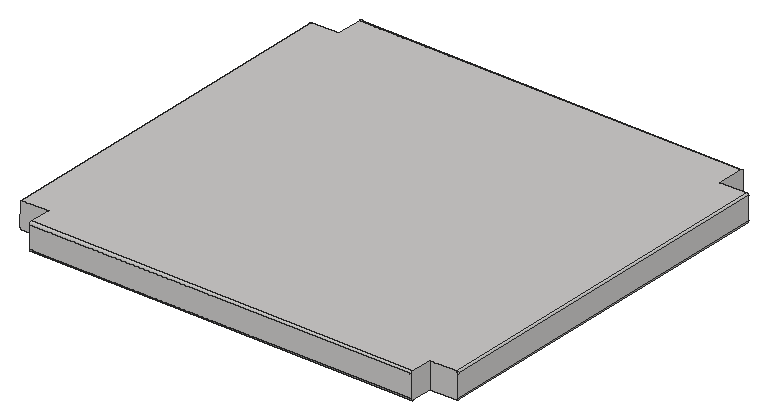
Revit family "PRD_AR_Shlvs_MaximaShelfForCommercialSinks_MAXT", category Plumbing Fixtures, Revit 2018
Family settings
  Round Connector Dimension = Use Diameter
  Part Type = Normal
  OmniClass Number = 23.40.20.00
  OmniClass Title = General Furniture and Specialties
  Work Plane-Based = No
  Always vertical = Yes
  Cut with Voids When Loaded = No
  Shared = Yes
  Room Calculation Point = No
Parameters (values of type "MAXT70-70")
  TypeOfMounting = "Mounted on product"
  OverallDepth = NominalDepth  # 648 mm
  WarrantyStartDate [instance] = "1900-12-31T23:59:59"
  WarrantyGuarantorParts = "n/a"
  WarrantyGuarantorLabor = "n/a"
  WarrantyDurationUnit = "year"
  WarrantyDurationParts = "n/a"
  WarrantyDurationLabor = "n/a"
  WarrantyDescription = "n/a"
  Version = "1"
  Uniclass2015Version = "Products v1.10"
  Uniclass2015Title = "Commercial kitchen shelving and racking units"
  Uniclass2015Code = "Pr_40_30_78_19"
  UnderframeMaterial = PRD_AR_StainlessSteel_SatinFinished
  URL = "www.kwc.com"
  TagNumber [instance] = "n/a"
  SustainabilityPerformance = "n/a"
  Style = "Shelf"
  Size = "686 x 648 x 41 mm"
  Shape = "Rectangular"
  SerialNumber [instance] = "n/a"
  Revision = "n/a"
  ReplacementCost = "n/a"
  ProductInformation = "https://pim.kwc.com/product/2000100002/attachment/datasheet?locale=en"
  NominalWidth = 686 mm
  NominalHeight = 41 mm
  NominalDepth = 648 mm
  NetWeight = 5.20 kg
  Name = "Maxima shelve for sinks width 700 mm / depth 700 mm"
  NBSTypeID = "n/a"
  NBSReference = "45-35-15/462"
  NBSOfficeMasterTag = "n/a"
  NBSNote = "n/a"
  NBSDescription = "Stainless steel shelving and racking units"
  NBSCertification = "n/a"
  ModelReference = "MAXT70-70"
  ModelNumber = "2000100002"
  Model = ModelReference  # "MAXT70-70"
  Material = "stainless steel"
  ManufacturerURL = "www.kwc.com"
  ManufacturerName = "KWC Group AG"  # constant formula
  Manufacturer = ManufacturerName  # "KWC Group AG"
  MainColor = "stainless steel"
  OverallWidth = NominalWidth  # 686 mm
  IntegralAccessories = "n/a"
  InstallationDate [instance] = "1900-12-31T23:59:59"
  IfcExportType = "NOTDEFINED"
  IfcExportAs = "IfcFurnitureType"
  OverallHeight = NominalHeight  # 41 mm
  GrossWeight = 5.20 kg
  Grade = "n/a"
  Finish = "satin finished"
  Features = "stainless steel, surface satin finished, material thickness 1.2 mm, mounted on product"
  ExpectedLife = "n/a"
  DurationUnit = "year"
  Description = "Shelve for KWC commercial sinks, stainless steel, surface satin finished, material thickness 1.2 mm, incl. Shelve holder. for MAXL sinks (700 mm deep, 700 mm wide)"
  CutLength4 = 44 mm
  CutLength3 = 36 mm
  CutLength2 = 44 mm
  CutLength1 = 44 mm
  CreatedOn = "12/2018"  # constant formula
  ConstructionShelvesPositions = "Fixed"
  ConstructionShelvesNumber = 1
  ConstructionShelvesMaterial = "1.2mm stainless steel 1.4301"
  ConstructionShelvesFinish = "satin finished"
  ConstructionShelvesEdges = "all round"
  ConstructionFrameMaterial = "n/a"
  ConstructionFrameFinish = "n/a"
  ConstructionFrameAssembly = "n/a"
  Constituents = "n/a"
  Color = "stainless steel"
  CodePerformance = "n/a"
  Category = "Pr_40_30_78_19, Commercial kitchen shelving and racking units"
  BarCode [instance] = "n/a"
  BIMObjectName = "PRD_AR_CommercialKitchenShelvingAndRackingUnits_MaximaShelfForCommercialSinks_MAXT70-70"
  Author = "Archispace"  # constant formula
  AssetType = "Fixed"
  AssetIdentifier [instance] = "n/a"
  AccessibilityPerformance = "n/a"
Types (12, lengths in mm): name | OverallDepth | Size | ProductInformation | NominalWidth | NominalDepth | NetWeight | Name | ModelReference | ModelNumber | Model | OverallWidth | GrossWeight | Description | CutLength4 | CutLength3 | CutLength1 | BIMObjectName
  MAXT60-60 | 548 | "586 x 548 x 41 mm" | "https://pim.kwc.com/product/2000057763/attachment/datasheet?locale=en" | 586 | 548 | 4.00 kg | "Maxima shelve for sinks  width 600 mm / depth 600 mm" | "MAXT60-60" | "2000057763" | "MAXT60-60" | 586 | 4.00 kg | "Shelve for KWC commercial sinks, stainless steel, surface satin finished, material thickness 1.2 mm, incl. Shelve holder. for MAXS sinks (600 mm deep, 600 mm wide)" | 44 | 36 | 44 | "PRD_AR_CommercialKitchenShelvingAndRackingUnits_MaximaShelfForCommercialSinks_MAXT60-60"
  MAXT70-60 | 548 | "686 x 548 x 41 mm" | "https://pim.kwc.com/product/2000100003/attachment/datasheet?locale=en" | 686 | 548 | 4.50 kg | "Maxima shelve for sinks width 700 mm / depth 600 mm" | "MAXT70-60" | "2000100003" | "MAXT70-60" | 686 | 4.50 kg | "Shelve for KWC commercial sinks, stainless steel, surface satin finished, material thickness 1.2 mm, incl. Shelve holder. for MAXS sinks (600 mm deep, 700 mm wide)" | 44 | 36 | 44 | "PRD_AR_CommercialKitchenShelvingAndRackingUnits_MaximaShelfForCommercialSinks_MAXT70-60"
  MAXT70-70 | 648 | "686 x 648 x 41 mm" | "https://pim.kwc.com/product/2000100002/attachment/datasheet?locale=en" | 686 | 648 | 5.20 kg | "Maxima shelve for sinks width 700 mm / depth 700 mm" | "MAXT70-70" | "2000100002" | "MAXT70-70" | 686 | 5.20 kg | "Shelve for KWC commercial sinks, stainless steel, surface satin finished, material thickness 1.2 mm, incl. Shelve holder. for MAXL sinks (700 mm deep, 700 mm wide)" | 44 | 36 | 44 | "PRD_AR_CommercialKitchenShelvingAndRackingUnits_MaximaShelfForCommercialSinks_MAXT70-70"
  MAXT120-60 | 548 | "1186 x 548 x 41 mm" | "https://pim.kwc.com/product/2000057716/attachment/datasheet?locale=en" | 1186 | 548 | 7.30 kg | "Maxima shelve for sinks width 1200 mm / depth 600 mm" | "MAXT120-60" | "2000057716" | "MAXT120-60" | 1186 | 7.30 kg | "Shelve for KWC commercial sinks, stainless steel, surface satin finished, material thickness 1.2 mm, incl. Shelve holder. for MAXS sinks (600 mm deep, 1200 mm wide)" | 40 | 40 | 44 | "PRD_AR_CommercialKitchenShelvingAndRackingUnits_MaximaShelfForCommercialSinks_MAXT120-60"
  MAXT120-70 | 648 | "1186 x 648 x 41 mm" | "https://pim.kwc.com/product/2000057755/attachment/datasheet?locale=en" | 1186 | 648 | 8.30 kg | "Maxima shelve for sinks width 1200 mm / depth 700 mm" | "MAXT120-70" | "2000057755" | "MAXT120-70" | 1186 | 8.30 kg | "Shelve for KWC commercial sinks, stainless steel, surface satin finished, material thickness 1.2 mm, incl. Shelve holder. for MAXL sinks (700 mm deep, 1200 mm wide)" | 44 | 36 | 44 | "PRD_AR_CommercialKitchenShelvingAndRackingUnits_MaximaShelfForCommercialSinks_MAXT120-70"
  MAXT140-60 | 548 | "1386 x 548 x 41 mm" | "https://pim.kwc.com/product/2000057756/attachment/datasheet?locale=en" | 1386 | 548 | 8.40 kg | "Maxima shelve for sinks  width 1400 mm / depth 600 mm" | "MAXT140-60" | "2000057756" | "MAXT140-60" | 1386 | 8.40 kg | "Shelve for KWC commercial sinks, stainless steel, surface satin finished, material thickness 1.2 mm, incl. Shelve holder. for MAXS sinks (600 mm deep, 1400 mm wide)" | 44 | 36 | 44 | "PRD_AR_CommercialKitchenShelvingAndRackingUnits_MaximaShelfForCommercialSinks_MAXT140-60"
  MAXT140-70 | 648 | "1386 x 648 x 41 mm" | "https://pim.kwc.com/product/2000057757/attachment/datasheet?locale=en" | 1386 | 648 | 9.60 kg | "Maxima shelve for sinks width 1400 mm / depth 700 mm" | "MAXT140-70" | "2000057757" | "MAXT140-70" | 1386 | 9.60 kg | "Shelve for KWC commercial sinks, stainless steel, surface satin finished, material thickness 1.2 mm, incl. Shelve holder. for MAXL sinks (700 mm deep, 1400 mm wide)" | 44 | 36 | 44 | "PRD_AR_CommercialKitchenShelvingAndRackingUnits_MaximaShelfForCommercialSinks_MAXT140-70"
  MAXT160-60 | 548 | "1586 x 548 x 41 mm" | "https://pim.kwc.com/product/2000057758/attachment/datasheet?locale=en" | 1586 | 548 | 9.50 kg | "Maxima shelve for sinks width 1600 mm / depth 600 mm" | "MAXT160-60" | "2000057758" | "MAXT160-60" | 1586 | 9.50 kg | "Shelve for KWC commercial sinks, stainless steel, surface satin finished, material thickness 1.2 mm, incl. Shelve holder. for MAXS sinks (600 mm deep, 1600 mm wide)" | 44 | 36 | 44 | "PRD_AR_CommercialKitchenShelvingAndRackingUnits_MaximaShelfForCommercialSinks_MAXT160-60"
  MAXT200-60 | 548 | "1986 x 548 x 41 mm" | "https://pim.kwc.com/product/2000057759/attachment/datasheet?locale=en" | 1986 | 548 | 13.90 kg | "Maxima shelve for sinks  width 2000 mm / depth 600 mm" | "MAXT200-60" | "2000057759" | "MAXT200-60" | 1986 | 13.90 kg | "Shelve for KWC commercial sinks, stainless steel, surface satin finished, material thickness 1.2 mm, incl. Shelve holder. for MAXS sinks (600 mm deep, 2000 mm wide)" | 44 | 36 | 44 | "PRD_AR_CommercialKitchenShelvingAndRackingUnits_MaximaShelfForCommercialSinks_MAXT200-60"
  MAXT200-70 | 648 | "1986 x 648 x 41 mm" | "https://pim.kwc.com/product/2000057760/attachment/datasheet?locale=en" | 1986 | 648 | 15.50 kg | "Maxima shelve for sinks width 2000 mm / depth 700 mm" | "MAXT200-70" | "2000057760" | "MAXT200-70" | 1986 | 15.50 kg | "Shelve for KWC commercial sinks, stainless steel, surface satin finished, material thickness 1.2 mm, incl. Shelve holder. for MAXL sinks (700 mm deep, 2000 mm wide)" | 44 | 36 | 44 | "PRD_AR_CommercialKitchenShelvingAndRackingUnits_MaximaShelfForCommercialSinks_MAXT200-70"
  MAXT260-60 | 548 | "2586 x 548 x 41 mm" | "https://pim.kwc.com/product/2000057761/attachment/datasheet?locale=en" | 2586 | 548 | 15.40 kg | "Maxima shelve for sinks  width 2600 mm / depth 600 mm" | "MAXT260-60" | "2000057761" | "MAXT260-60" | 2586 | 15.40 kg | "Shelve for KWC commercial sinks, surface satin finished, material thickness 1.2 mm, incl. Shelve holder. for MAXS sinks (600 mm deep, 2600 mm wide)" | 21 | 36 | 21 | "PRD_AR_CommercialKitchenShelvingAndRackingUnits_MaximaShelfForCommercialSinks_MAXT260-60"
  MAXT260-70 | 648 | "2586 x 648 x 41 mm" | "https://pim.kwc.com/product/2000100004/attachment/datasheet?locale=en" | 2586 | 648 | 18.50 kg | "Maxima shelve for sinks width 2600 mm / depth 700 mm" | "MAXT260-70" | "2000100004" | "MAXT260-70" | 2586 | 18.50 kg | "Shelve for KWC commercial sinks, stainless steel, surface satin finished, material thickness 1.2 mm, incl. Shelve holder. for MAXL sinks (700 mm deep, 2600 mm wide)" | 21 | 36 | 21 | "PRD_AR_CommercialKitchenShelvingAndRackingUnits_MaximaShelfForCommercialSinks_MAXT260-70"
Reference planes
  plane 1 "Center (Front/Back)": y = 0
  plane 2: z = 0
  plane 3 "Center (Left/Right)": x = 0
  plane 4: x = -343
  plane 5: x = 343
  plane 6: y = -44
  plane 7: y = -612
  plane 8: x = -299
  plane 9: x = 299
  plane 10: z = 150
  plane 11: y = -648
Forms (mm)
  Extrusion 1, void
    sketch origin (0, 0, 0) x (1, 0, 0) y (0, 1, 0)
      loop
        line (-343, -648) -> (-299, -648) -> (-299, -612) -> (-343, -612) -> (-343, -648)
      loop
        line (-299, 0) -> (-343, 0) -> (-343, -44) -> (-299, -44) -> (-299, 0)
      loop
        line (343, 0) -> (299, 0) -> (299, -44) -> (343, -44) -> (343, 0)
      loop
        line (299, -612) -> (299, -648) -> (343, -648) -> (343, -612) -> (299, -612)
    from 0 to 41
  Extrusion 2, solid, material "PRD_AR_StainlessSteel_SatinFinished" <- "UnderframeMaterial", detail levels fine
    sketch origin (0, 0, 0) x (1, 0, 0) y (0, 1, 0)
      loop
        line (-343, 0) -> (-343, -648) -> (343, -648) -> (343, 0) -> (-343, 0)
    from 0 to 41
  Sweep 3, void
    path origin (0, 0, 0) x (1, 0, 0) y (0, 1, 0)
      loop
        line (-343, 0) -> (-343, -648) -> (343, -648) -> (343, 0) -> (-343, 0)
    profile origin (-343, -324, 0) x (1, 0, 0) y (0, 0, 1)
      loop
        line (0, 0) -> (3, 0)
        arc (3, 0) -> (0.879, 0.879) -> (0, 3) r 3
        line (0, 3) -> (0, 0)
      loop
        line (0, 41) -> (0, 38)
        arc (0, 38) -> (0.879, 40.121) -> (3, 41) r 3
        line (3, 41) -> (0, 41)
  Extrusion 4, solid, material "PRD_AR_StainlessSteel_SatinFinished" <- "UnderframeMaterial", detail levels medium
    sketch origin (0, 0, 0) x (1, 0, 0) y (0, 1, 0)
      loop
        line (-343, -44) -> (-343, -612) -> (-299, -612) -> (-299, -648) -> (299, -648) -> (299, -612) -> (343, -612) -> (343, -44) -> (299, -44) -> (299, 0) -> (-299, 0) -> (-299, -44) -> (-343, -44)
    from 0 to 41
  Extrusion 5, solid, material "PRD_AR_StainlessSteel_SatinFinished" <- "UnderframeMaterial", detail levels coarse
    sketch origin (0, 0, 0) x (1, 0, 0) y (0, 1, 0)
      loop
        line (-343, 0) -> (-343, -648) -> (343, -648) -> (343, 0) -> (-343, 0)
    from 0 to 41
Cuts and joins
  Extrusion 1, Sweep 3 cuts Extrusion 2
Dimensions and locks
  "CutLength2": plane 6 to plane 1 "Center (Front/Back)"
  "CutLength1": plane 4 to plane 8
  "CutLength4": plane 9 to plane 5
  locked: plane 10 to level at 150
  "OverallDepth": plane 11 to plane 1 "Center (Front/Back)"
  "CutLength3": plane 7 to plane 11
  equal spacing: plane 4, plane 3 "Center (Left/Right)", plane 5
  "OverallWidth": plane 4 to plane 5
  aligned and locked: level to plane 2
  aligned and locked: Extrusion 1 sketch curve to plane 4  (x2)
  aligned and locked: Extrusion 1 sketch curve to plane 5  (x2)
  aligned and locked: Extrusion 1 sketch curve to plane 11  (x2)
  aligned and locked: Extrusion 2 sketch curve to plane 4
  aligned and locked: Extrusion 2 sketch curve to plane 1 "Center (Front/Back)"
  aligned and locked: plane 5 to Extrusion 2 sketch curve
  aligned and locked: Extrusion 2 sketch curve to plane 11
  aligned and locked: Sweep 3 sketch curve to plane 4
  aligned and locked: Sweep 3 sketch curve to plane 11
  aligned and locked: Sweep 3 sketch curve to plane 1 "Center (Front/Back)"
  aligned and locked: plane 5 to Sweep 3 sketch curve
  aligned and locked: Extrusion 2 to Sweep 3 sketch curve  (x2)
  aligned and locked: Extrusion 4 sketch curve to plane 4
  aligned and locked: Extrusion 4 sketch curve to plane 8  (x2)
  aligned and locked: Extrusion 4 sketch curve to plane 6  (x2)
  aligned and locked: Extrusion 4 sketch curve to plane 1 "Center (Front/Back)"
  aligned and locked: plane 9 to Extrusion 4 sketch curve  (x2)
  aligned and locked: plane 5 to Extrusion 4 sketch curve
  aligned and locked: Extrusion 4 sketch curve to plane 11
  aligned and locked: Extrusion 4 sketch curve to plane 7  (x2)
  aligned and locked: Extrusion 5 to plane 4
  aligned and locked: Extrusion 5 to plane 5
  aligned and locked: Extrusion 5 to plane 1 "Center (Front/Back)"
  aligned and locked: Extrusion 5 to plane 11
Automatic sketch dimensions
  Extrusion 1 sketch curve to plane 8 = 0 mm  (x2)
  plane 1 "Center (Front/Back)" to Extrusion 1 sketch curve = 0 mm  (x2)
  plane 6 to Extrusion 1 sketch curve = 0 mm  (x2)
  Extrusion 1 sketch curve to plane 9 = 0 mm  (x2)
  plane 7 to Extrusion 1 sketch curve = 0 mm  (x2)
  profile plane to Sweep 3 sketch curve = 0 mm  (x3)
  Sweep 3 sketch curve to level = 0 mm
  Sweep 3 sketch curve to Sweep 3 sketch curve = 3 mm
  Sweep 3 sketch curve to profile plane = 3 mm
  Sweep 3 sketch curve to Sweep 3 sketch curve = 35 mm
  Sweep 3 sketch curve to Sweep 3 sketch curve = 0 mm  (x5)
  Extrusion 5 sketch curve to plane 11 = 0 mm
  Extrusion 5 sketch curve to plane 1 "Center (Front/Back)" = 0 mm
  Extrusion 5 sketch curve to plane 4 = 0 mm
  Extrusion 5 sketch curve to plane 9 = 44 mm
